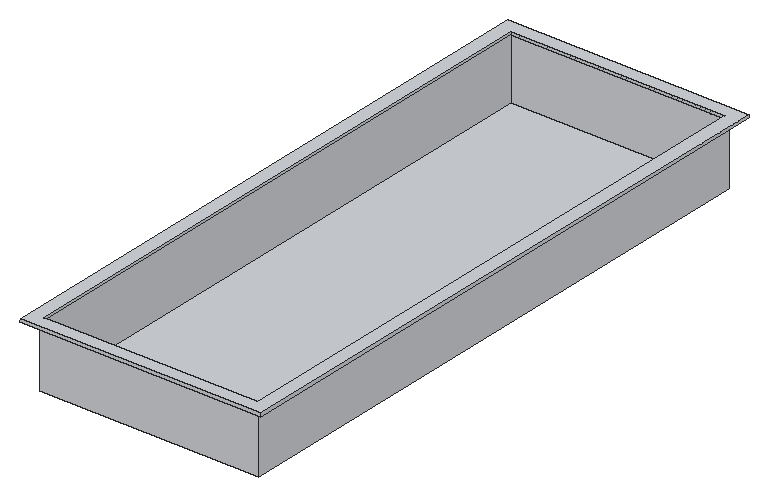
Revit family "Hager-Volta-IP30-Hollow_wall-empty-CH-en", category Electrical Equipment, host Face, Revit 2020
Family settings
  Host = Face
  Panel Configuration = Two Columns, Circuits Across
  Round Connector Dimension = Use Diameter
  Part Type = Panelboard
  Cut with Voids When Loaded = No
  Shared = No
  Room Calculation Point = No
Parameters (values of type "Recessed mounted  W330 H880 D94.5 12 Modular spacings - VH60NK")
  Width Control [instance] = if([HG000006 - Flush mounted], if([EF000846 - Built-in width] > min_whd, [EF000846 - Built-in width], min_whd), if([EF000008 - Width] > min_whd, ([EF000008 - Width]), min_whd))  # 314 mm
  Void Depth [instance] = if([HG000006 - Flush mounted], Depth Control, 1 mm)  # 90 mm
  Type Comments = [HG000003 - Range]  # "Volta"
  System Height [instance] = Height Control - 2 * [HG000005 - Thickness]  # 840 mm
  Model = [HG000004 - Manufacturer reference]  # "VH60NK"
  HG000017 - Distance between poles = 18 mm
  HG000016 - Door 3d visibility [instance] = yes
  HG000015 - Clearance visibility [instance] = no
  HG000014 - Door on the right [instance] = yes
  HG000013 - Door on the left [instance] = not([HG000014 - Door on the right])  # no
  HG000012 - Door swing angle [instance] = 45.00°
  HG000011 - Empty rows from bottom = no
  HG000010 - Asymmetric doors = no
  HG000009 - Double swing door = no
  HG000008 - Number of empty rows = 0
  HG000007 - Number of empty columns = 0
  HG000006 - Flush mounted = yes
  HG000005 - Thickness = 3 mm  # constant formula
  HG000004 - Manufacturer reference = "VH60NK"
  HG000003 - Range = "Volta"
  HG000002 - With door or cover = no
  HG000001 - Number of columns = 0
  EF015941 - Signal passing door = no
  EF015777 - Neutral terminal block = no
  EF015776 - Earthing terminal block = no
  EF009212 - Cover model = "EV000116 - Closed"
  EF006306 - With lock = no
  EF006244 - Transparent cover/door = no
  EF005474 - Degree of protection (IP) = ""
  EF004462 - Type of closure = ""
  EF002950 - Width in number of modular spacings = 12
  EF001596 - Material housing = "EV000139 - Plastic"
  EF001134 - DIN-rail = no
  EF001131 - Internal depth = 92 mm
  EF001088 - Extension possible = yes
  EF001062 - EMC-version = yes
  EF000846 - Built-in width = 314 mm
  EF000339 - Type of cover = ""
  EF000332 - Built-in height = 846 mm
  EF000266 - Number of rows = 5
  EF000218 - Built-in depth = 90 mm
  EF000118 - With mounting plate = no
  EF000116 - RAL-number = "9010"
  EF000049 - Depth = 94 mm
  EF000040 - Height = 880 mm
  EF000008 - Width = 330 mm
  EF000007 - Colour = "EV000202 - White"
  EF000003 - Mounting method = "EV000128 - Hollow wall"
  Arrow Offset [instance] = Depth Control / 8  # 11.25 mm
  Arrow Height [instance] = Depth Control - Arrow Offset  # 78.75 mm
  Host Offset [instance] = if([HG000006 - Flush mounted], 0 mm, [EF000049 - Depth])  # 0 mm
  min_whd [instance] = (2 * [HG000005 - Thickness]) + 1 mm  # 7 mm
  Manufacturer = "Hager"  # constant formula
  Height Control [instance] = if([HG000006 - Flush mounted], if([EF000332 - Built-in height] > min_whd, [EF000332 - Built-in height], min_whd), if([EF000040 - Height] > min_whd, ([EF000040 - Height]), min_whd))  # 846 mm
  Flush Mounted - Door Frame Width [instance] = if(([EF000040 - Height] - [EF000332 - Built-in height]) > 0 mm, if([HG000006 - Flush mounted], [EF000040 - Height] - [EF000332 - Built-in height], 0 mm), 0 mm)  # 34 mm
  Depth Control [instance] = if([HG000006 - Flush mounted], if([EF000218 - Built-in depth] > 0 mm, [EF000218 - Built-in depth], 1 mm), if([EF000049 - Depth] > 0 mm, ([EF000049 - Depth]), 1 mm))  # 90 mm
  Default Elevation = 0 mm
Types (5, lengths in mm): name | System Height | Model | HG000004 - Manufacturer reference | EF000332 - Built-in height | EF000266 - Number of rows | EF000040 - Height | Height Control | Flush Mounted - Door Frame Width
  Recessed mounted  W330 H355 D94.5 12 Modular spacings - VH12NK | 340 | "VH12NK" | "VH12NK" | 346 | 1 | 355 | 346 | 9
  Recessed mounted  W330 H484 D94.5 12 Modular spacings - VH24NK | 465 | "VH24NK" | "VH24NK" | 471 | 2 | 484 | 471 | 13
  Recessed mounted  W330 H609 D94.5 12 Modular spacings - VH36NK | 590 | "VH36NK" | "VH36NK" | 596 | 3 | 609 | 596 | 13
  Recessed mounted  W330 H734 D94.5 12 Modular spacings - VH48NK | 715 | "VH48NK" | "VH48NK" | 721 | 4 | 734 | 721 | 13
  Recessed mounted  W330 H880 D94.5 12 Modular spacings - VH60NK | 840 | "VH60NK" | "VH60NK" | 846 | 5 | 880 | 846 | 34
Reference planes
  plane 1 "Center (Front/Back)": y = 0
  plane 2: z = 0
  plane 3 "Center (Left/Right)": x = 0
  plane 4: z = 0
  plane 5: y = 37
  plane 6: z = -5
  plane 7: y = 457
  plane 8: y = 34
  plane 9: y = 880
  plane 10: z = -90
  plane 11: x = -157
  plane 12: x = 157
  plane 13: x = 154
  plane 14: x = -154
  plane 15: y = 877
  plane 16: z = -87
  plane 17: z = -3
  plane 18: z = -90
  plane 19: z = -3
Forms (mm)
  Extrusion 1, solid
    sketch origin (-583.045, 34, 1219.2) x (-1, 0, 0) y (0, 0, 1)
      loop
        line (-426.045, -1219.2) -> (-740.045, -1219.2) -> (-740.045, -1309.2) -> (-426.045, -1309.2) -> (-426.045, -1219.2)
    from 0 to 846 <- "Height Control"
  Extrusion 2, void
    sketch origin (-381.607, -4572, 0) x (0, -1, 0) y (-1, 0, 0)
      loop
        line (-5449, -227.607) -> (-5449, -535.607) -> (-4609, -535.607) -> (-4609, -227.607) -> (-5449, -227.607)
    from 0 to 87
  Extrusion 3, void
    sketch origin (0, 0, 0) x (1, 0, 0) y (0, 1, 0)
      loop
        line (-157, 34) -> (157, 34) -> (157, 880) -> (-157, 880) -> (-157, 34)
    from -90 to 1
  Extrusion 4, solid, detail levels coarse+medium
    sketch origin (-381.607, -4572, 0) x (-1, 0, 0) y (0, -1, 0)
      loop
        line (-227.607, -5449) -> (-227.607, -4609) -> (-535.607, -4609) -> (-535.607, -5449) -> (-227.607, -5449)
    from 0 to -3
Cuts and joins
  Extrusion 2 cuts Extrusion 1
Dimensions and locks
  plane 4 to plane 6 = 5 mm
  "Host Offset": plane 4 to host face
  "Flush Mounted - Door Frame Width": plane 1 "Center (Front/Back)" to plane 8
  "HG000005 - Thickness": plane 5 to plane 8
  locked: connector elem to plane 3 "Center (Left/Right)"
  "Height Control": plane 9 to plane 8
  equal spacing: plane 9, plane 7, plane 8
  locked: connector elem to plane 7
  "Depth Control": plane 4 to plane 10
  "HG000005 - Thickness": plane 11 to plane 14
  "HG000005 - Thickness": plane 12 to plane 13
  equal spacing: plane 11, plane 3 "Center (Left/Right)", plane 12
  "Width Control": plane 11 to plane 12
  "Arrow Offset": nested 4 to plane 10
  "HG000005 - Thickness": plane 9 to plane 15
  "HG000005 - Thickness": plane 16 to plane 10
  "HG000005 - Thickness": plane 4 to plane 17
  "Void Depth": plane 2 to plane 18
  "HG000005 - Thickness": plane 4 to plane 19
  aligned and locked: plane 2 to host face
  aligned and locked: level to host face
  aligned and locked: plane 3 "Center (Left/Right)" to nested 2
  aligned and locked: plane 4 to nested 2
  aligned and locked: nested 2 to plane 8
  aligned and locked: nested 1 to plane 6
  aligned and locked: plane 5 to nested 1
  aligned and locked: nested 4 to plane 11
  aligned and locked: nested 3 to plane 4
  aligned and locked: Extrusion 1 sketch curve to plane 12
  aligned and locked: Extrusion 1 sketch curve to plane 11
  aligned and locked: nested 3 to plane 10
  aligned and locked: plane 10 to Extrusion 1 sketch curve
  aligned and locked: plane 5 to Extrusion 2 sketch curve
  aligned and locked: Extrusion 2 sketch curve to plane 15
  aligned and locked: Extrusion 2 sketch curve to plane 14
  aligned and locked: Extrusion 2 sketch curve to plane 13
  aligned and locked: plane 11 to Extrusion 3 sketch curve
  aligned and locked: plane 9 to Extrusion 3 sketch curve
  aligned and locked: Extrusion 3 sketch curve to plane 8
  aligned and locked: plane 12 to Extrusion 3 sketch curve
  aligned and locked: nested 3 to plane 12
  aligned and locked: Extrusion 3 to plane 18
  aligned and locked: Extrusion 2 to plane 16
  aligned and locked: Extrusion 1 sketch curve to plane 4
  aligned and locked: Extrusion 4 to plane 17
  aligned and locked: Extrusion 4 sketch curve to plane 15
  aligned and locked: Extrusion 4 sketch curve to plane 13
  aligned and locked: Extrusion 4 sketch curve to plane 14
  aligned and locked: plane 5 to Extrusion 4 sketch curve
Automatic sketch dimensions
  host sketch curve to host sketch curve = 1469.727 mm
  host sketch curve to host sketch curve = 1434.803 mm
Nested families
  nested 1: "Hager_Enclosure_System" at (0, 37, -5) x (1, 0, 0) z (0, 1, 0), Depth <- "HG000005 - Thickness", Height <- "System Height", Width <- "EF000008 - Width", Border <- "HG000005 - Thickness", Flush_Mounted <- "HG000006 - Flush mounted", Built-in_Width <- "EF000846 - Built-in width", Row_Module_Multiplicator <- "EF002950 - Width in number of modular spacings", Total_No_Empty_Rows <- "HG000008 - Number of empty rows", Total_No_Rows <- "EF000266 - Number of rows", Empty_Columns <- "HG000007 - Number of empty columns", Width_Control <- "Width Control", Empty_Rows_From_Bottom <- "HG000011 - Empty rows from bottom", Distance_Between_Poles <- "HG000017 - Distance between poles", Rows_Count <- "EF000266 - Number of rows", Columns_Count <- "HG000001 - Number of columns", type "Hager_Enclosure_System", detail levels fine
    with Width_Control 314 mm, Width 330 mm, Total_No_Rows 5, Total_No_Empty_Rows 0, Total_No_Columns 1, System_Width 308 mm, Rows_Count 5, Rows_Column 5, Row_Module_Multiplicator 12, Panel_4 no, Panel_3 no, Panel_2 no, Panel_1 no, No_Panels_Ctrl 1, Hide_Columns yes, Height 840 mm, Flush_Mounted yes, Empty_Rows_From_Bottom no, Empty_Rows_Column 0, Empty_Columns 0, Distance_Between_Poles 18 mm, Depth 3 mm, Columns_Count 0, Column_Width 308 mm, Built-in_Width 314 mm, Border 3 mm
  nested 2: "Hager_Enclosure_Door" at (0, 34, 0) x (1, 0, 0) z (0, 1, 0), Border <- "HG000005 - Thickness", Door_Right <- "HG000014 - Door on the right", Flush_Mounted <- "HG000006 - Flush mounted", Depth <- "EF000049 - Depth", Width <- "EF000008 - Width", Door_Left <- "HG000013 - Door on the left", 3d_Door <- "HG000016 - Door 3d visibility", BuiltIn_Width <- "EF000846 - Built-in width", BuiltIn_Height <- "EF000332 - Built-in height", BuiltIn_Depth <- "EF000218 - Built-in depth", Angle <- "HG000012 - Door swing angle", Assymetrical <- "HG000010 - Asymmetric doors", Double <- "HG000009 - Double swing door", Clearance <- "HG000015 - Clearance visibility", Transparent <- "EF006244 - Transparent cover/door", Door <- "HG000002 - With door or cover", Height_Ctrl <- "Height Control", Width_Ctrl <- "Width Control", Height <- "EF000040 - Height", type "Hager_Enclosure_Door", detail levels medium+fine
    with min_wh 7 mm, Width_Ctrl 314 mm, Width 330 mm, Transparent_Door_No_Bottom_Border no, Transparent no, Leaf_Width 305 mm, Leaf_Tolerance 1.5 mm, Leaf_Height 837 mm, Leaf_2_Width 305 mm, Leaf_2_Offset 152.5 mm, Leaf_1_Width 305 mm, Leaf_1_Offset 152.5 mm, Height_Ctrl 846 mm, Height 880 mm, Frame_Width_Ctrl 16 mm, Frame_Width 16 mm, Frame_Internal_Offset 3 mm, Frame_Height_Ctrl 34 mm, Frame_Height 34 mm, Frame_Depth_Ctrl 4 mm, Frame_Depth 4 mm, Flush_Mounted yes, Double_Clearance_Ctrl no, Double no, Door_Right_Ctrl no, Door_Right yes, Door_Left_Ctrl no, Door_Left no, Door no, Depth 94 mm, Clearance_Depth 305 mm, Clearance_Ctrl no, Clearance no, BuiltIn_Width 314 mm, BuiltIn_Height 846 mm, BuiltIn_Depth 90 mm, Border 3 mm, Assymetrical no, Angle 45.00°, 3d_Door yes
  nested 3: "Hager_Enclosure_Symbol_Triangle" at (-157, 0, -90) x (1, 0, 0) z (0, -1, 0), Depth <- "Depth Control", Width <- "Width Control", type "Hager_Enclosure_Symbol_Triangle"
    with Width_Ctrl 314 mm, Width 314 mm, Depth_Ctrl 90 mm, Depth 90 mm
  nested 4: "Hager_Enclosure_Symbol_Arrow" at (-157, 0, -78.75) x (1, 0, 0) z (0, -1, 0), Height <- "Arrow Height", type "Hager_Enclosure_Symbol_Arrow"
    with Width_Inside 5.906 mm, Width 70.875 mm, Height_Ctrl 78.75 mm, Height 78.75 mm
Connectors
  electrical at (0, 457, -90)
    settings: on plane 10, index 1, voltage 0 V, apparent load 0 VA, apparent load phase1 0 VA, apparent load phase2 0 VA, apparent load phase3 0 VA, power factor 1, load classification "Other", number of poles 1, system type 30, power factor state 1, is connector primary yes, connector utility no, sub classification motor no, connector description ""
Definition of nested family "Hager_Enclosure_Door"
  Parameters (values of type "Hager_Enclosure_Door")
    min_wh [instance] = (2 * Border) + 1 mm  # 11 mm
    Width_Ctrl [instance] = 400 mm
    Width [instance] = 500 mm
    Transparent_Door_No_Bottom_Border [instance] = no
    Transparent [instance] = yes
    Leaf_Width [instance] = if((Width_Ctrl - 2 * Border - 2 * Leaf_Tolerance) > 0 mm, (Width_Ctrl - 2 * Border - 2 * Leaf_Tolerance), min_wh)  # 387 mm
    Leaf_Tolerance [instance] = 1.5 mm  # constant formula
    Leaf_Height [instance] = if((Height_Ctrl - 2 * Border - 2 * Leaf_Tolerance) > 0 mm, (Height_Ctrl - 2 * Border - 2 * Leaf_Tolerance), min_wh)  # 387 mm
    Leaf_2_Width [instance] = if(and(and(Double, Assymetrical), Door_Left), (Leaf_Width / 3) - (Leaf_Tolerance / 2), if(and(and(Double, Assymetrical), Door_Right), (Leaf_Width / 3) * 2 - (Leaf_Tolerance / 2), if(and(Double, not(Assymetrical)), (Leaf_Width / 2) - Leaf_Tolerance, Leaf_Width)))  # 387 mm
    Leaf_2_Offset [instance] = if(and(Double, Assymetrical), Leaf_2_Width / 2, if(and(Double, not(Assymetrical)), Leaf_Width / 4, Leaf_Width / 2))  # 193.5 mm
    Leaf_1_Width [instance] = if(and(and(Double, Assymetrical), Door_Right), (Leaf_Width / 3) - (Leaf_Tolerance / 2), if(and(and(Double, Assymetrical), Door_Left), (Width / 3) * 2 - (Leaf_Tolerance / 2), if(and(Double, not(Assymetrical)), (Leaf_Width / 2) - Leaf_Tolerance, Leaf_Width)))  # 387 mm
    Leaf_1_Offset [instance] = if(and(Double, Assymetrical), Leaf_1_Width / 2, if(and(Double, not(Assymetrical)), Leaf_Width / 4, Leaf_Width / 2))  # 193.5 mm
    Height_Ctrl [instance] = 400 mm
    Height [instance] = 500 mm
    Frame_Width_Ctrl [instance] = if(Frame_Width > 0 mm, Frame_Width, 1 mm)  # 1 mm
    Frame_Width [instance] = Width - BuiltIn_Width  # 0 mm
    Frame_Internal_Offset [instance] = if(Flush_Mounted, Border, 0 mm)  # 5 mm
    Frame_Height_Ctrl [instance] = if(Frame_Height > 0 mm, Frame_Height, 1 mm)  # 1 mm
    Frame_Height [instance] = Height - BuiltIn_Height  # 0 mm
    Frame_Depth_Ctrl [instance] = if(Frame_Depth > 0 mm, Frame_Depth, 1 mm)  # 1 mm
    Frame_Depth [instance] = if(Depth - BuiltIn_Depth > 0 mm, if(Flush_Mounted, Depth - BuiltIn_Depth, 0 mm), 0 mm)  # 0 mm
    Flush_Mounted [instance] = yes
    Double_Clearance_Ctrl [instance] = and(Double, Clearance)  # no
    Double [instance] = no
    Door_Right_Ctrl [instance] = and(or(Door_Right, Double), Door)  # yes
    Door_Right [instance] = yes
    Door_Left_Ctrl [instance] = and(or(Door_Left, Double), Door)  # no
    Door_Left [instance] = no
    Door [instance] = yes
    Depth [instance] = 500 mm
    Default Elevation = 1219.2 mm
    Clearance_Material = none
    Clearance_Depth [instance] = if(Leaf_1_Width > Leaf_2_Width, Leaf_1_Width, Leaf_2_Width)  # 387 mm
    Clearance_Ctrl [instance] = and(not(Double), Clearance)  # yes
    Clearance [instance] = yes
    BuiltIn_Width [instance] = 500 mm
    BuiltIn_Height [instance] = 500 mm
    BuiltIn_Depth [instance] = 500 mm
    Border [instance] = 5 mm
    Assymetrical [instance] = yes
    Angle [instance] = 30.00°
    3d_Door [instance] = yes
  Reference planes
    plane 1 "Center (Front/Back)": y = 0
    plane 2 "Bottom": z = 0
    plane 3 "Center (Left/Right)": x = 0
    plane 4: z = 400
    plane 5: x = -200
    plane 6: x = 200
    plane 7: z = 395
    plane 8: x = -195
    plane 9: z = 5
    plane 10: x = 195
    plane 11: y = 0
    plane 12: z = 6.5
    plane 13: x = -582
    plane 14: y = -387
    plane 15: x = 582
    plane 16: x = 0
    plane 17: x = 0
    plane 18: x = -193.5
    plane 19: x = 193.5
    plane 20: z = 393.5
  Forms (mm)
    Extrusion 1, solid, visible <- "Flush_Mounted"
      sketch origin (0, 0, 0) x (1, 0, 0) y (0, 0, 1)
        loop
          line (195, 5) -> (195, 395) -> (-195, 395) -> (-195, 5) -> (195, 5)
        loop
          line (-201, 401) -> (-201, -1) -> (201, -1) -> (201, 401) -> (-201, 401)
      from 0 to 1 <- "Frame_Depth_Ctrl"
    Extrusion 2, solid, material <- "Clearance_Material", visible <- "Double_Clearance_Ctrl"
      sketch origin (1200, 0, 0) x (1, 0, 0) y (0, 0, -1)
        loop
          line (-1782, -393.5) -> (-618, -393.5) -> (-618, 0) -> (-1782, 0) -> (-1782, -393.5)
      from 0 to -387
  Dimensions and locks
    equal spacing: plane 5, plane 3 "Center (Left/Right)", plane 6
    "Width_Ctrl": plane 5 to plane 6
    "Border": plane 5 to plane 8
    "Border": plane 6 to plane 10
    "Border": plane 9 to level
    "Border": plane 4 to plane 7
    "Height_Ctrl": plane 4 to level
    "Leaf_Tolerance": plane 12 to plane 9
    "Frame_Depth": plane 11 to plane 1 "Center (Front/Back)"
    "Frame_Width_Ctrl": plane 5 to Extrusion 1 sketch curve
    "Frame_Width_Ctrl": plane 6 to Extrusion 1 sketch curve
    "Frame_Width_Ctrl": Extrusion 1 sketch curve to plane 4
    "Frame_Width_Ctrl": plane 2 "Bottom" to Extrusion 1 sketch curve
    "Leaf_1_Offset": plane 18 to plane 16
    "Leaf_2_Offset": plane 17 to plane 19
    "Leaf_1_Width": plane 13 to plane 8
    "Leaf_2_Width": plane 10 to plane 15
    "Clearance_Depth": plane 14 to plane 1 "Center (Front/Back)"
    "Leaf_Tolerance": plane 8 to plane 18
    "Leaf_Tolerance": plane 19 to plane 10
    "Leaf_Tolerance": plane 7 to plane 20
    "Frame_Internal_Offset": plane 5 to Extrusion 1 sketch curve
    "Frame_Internal_Offset": Extrusion 1 sketch curve to plane 2 "Bottom"
    "Frame_Internal_Offset": plane 6 to Extrusion 1 sketch curve
    "Frame_Internal_Offset": plane 4 to Extrusion 1 sketch curve
    aligned and locked: level to plane 2 "Bottom"
    aligned and locked: nested 1 to plane 16
    aligned and locked: nested 2 to plane 17
    aligned and locked: Extrusion 2 to plane 13
    aligned and locked: plane 15 to Extrusion 2
    aligned and locked: Extrusion 2 to plane 14
    aligned and locked: plane 12 to nested 1
    aligned and locked: nested 2 to plane 12
    aligned and locked: Extrusion 2 to plane 11
    aligned and locked: plane 20 to Extrusion 2
    aligned and locked: nested 2 to plane 11
    aligned and locked: nested 1 to plane 11
  Automatic sketch dimensions
    Extrusion 2 sketch curve to level = 0 mm
    plane 5 to Extrusion 2 sketch curve = 382 mm
    plane 6 to Extrusion 2 sketch curve = 382 mm
    Extrusion 2 sketch curve to plane 4 = 6.5 mm
  Nested families
    nested 1: "Hager_Enclosure_Door_Leaf" at (0, 0, 6.5), Width <- "Leaf_1_Width", visible <- "Door_Left_Ctrl", Leaf_Height <- "Leaf_Height", Angle <- "Angle", Depth <- "Border", 3d_Door <- "3d_Door", Transparent <- "Transparent", Clearance Material <- "Clearance_Material", Clearance <- "Clearance_Ctrl", Transparent_Door_No_Bottom_Border <- "Transparent_Door_No_Bottom_Border", type "Hager_Enclosure_Door_Leaf"
      with Width 387 mm, Transparent_Door_No_Bottom_Border no, Transparent_Door_Border_Bottom_Top 25 mm, Transparent_Door_Border 25 mm, Transparent_Ctrl yes, Transparent yes, Standard no, Leaf_Height 387 mm, Glass_Offset 1 mm, Depth 5 mm, Clearance Material none, Clearance yes, Angle_Ctrl 30.00°, Angle 30.00°, 3d_Door yes
    nested 2: "Hager_Enclosure_Door_Leaf" at (0, 0, 6.5) x (-1, 0, 0) z (0, 0, 1), Width <- "Leaf_2_Width", visible <- "Door_Right_Ctrl", Leaf_Height <- "Leaf_Height", Angle <- "Angle", Depth <- "Border", 3d_Door <- "3d_Door", Transparent <- "Transparent", Clearance Material <- "Clearance_Material", Clearance <- "Clearance_Ctrl", Transparent_Door_No_Bottom_Border <- "Transparent_Door_No_Bottom_Border", type "Hager_Enclosure_Door_Leaf"
      with Width 387 mm, Transparent_Door_No_Bottom_Border no, Transparent_Door_Border_Bottom_Top 25 mm, Transparent_Door_Border 25 mm, Transparent_Ctrl yes, Transparent yes, Standard no, Leaf_Height 387 mm, Glass_Offset 1 mm, Depth 5 mm, Clearance Material none, Clearance yes, Angle_Ctrl 30.00°, Angle 30.00°, 3d_Door yes
  Definition of nested family "Hager_Enclosure_Door_Leaf"
    Parameters (values of type "Hager_Enclosure_Door_Leaf")
      Width [instance] = 2000 mm
      Transparent_Door_No_Bottom_Border [instance] = yes
      Transparent_Door_Border_Bottom_Top [instance] = if(Transparent_Door_No_Bottom_Border, 0.1 mm, Transparent_Door_Border)  # 0.1 mm
      Transparent_Door_Border [instance] = if(Transparent_Door_No_Bottom_Border, (Width * 0.12), 25 mm)  # 240 mm
      Transparent_Ctrl [instance] = and(Transparent, [3d_Door])  # yes
      Transparent [instance] = yes
      Standard [instance] = and(not(Transparent), [3d_Door])  # no
      Leaf_Height [instance] = 2720.336 mm
      Glass_Offset [instance] = if((Depth - 10 mm) / 2 > 0 mm, (Depth - 10 mm) / 2, 1 mm)  # 15 mm
      Glass_Material = none
      Depth [instance] = 40 mm
      Default Elevation = 0 mm
      Clearance Material [instance] = none
      Clearance [instance] = yes
      Angle_Ctrl [instance] = if(Angle > 170.00°, 170.00°, Angle)  # 45.00°
      Angle [instance] = 45.00°
      3d_Door [instance] = yes
    Reference planes
      plane 1 "Center (Front/Back)": y = 0
      plane 2: z = 0
      plane 3 "Center (Left/Right)": x = 0
      plane 4: y = 2000
      plane 5: x = -1000
      plane 6: x = 1000
      plane 7: x = -3000
      plane 8: z = 2720.336
      plane 9: z = 0.1
      plane 10: z = 2720.236
      plane 11: x = 760
      plane 12: x = -760
    Forms (mm)
      Extrusion 1, solid, material <- "Clearance Material", visible <- "Clearance"
        sketch origin (0, 0, 0) x (1, 0, 0) y (0, 0, 1)
          loop
            line (-3000, 2720.336) -> (-3000, 0) -> (1000, 0) -> (1000, 2720.336) -> (-3000, 2720.336)
        from 0 to -2000
      Extrusion 2, solid, visible <- "Standard", detail levels medium+fine
        sketch origin (-1000, 0, 0) x (0.707107, 0.707107, 0) y (-0.707107, 0.707107, 0)
          loop
            line (0, -40) -> (2000, -40) -> (2000, 0) -> (0, 0) -> (0, -40)
        from 0 to 2720.336 <- "Leaf_Height"
      Extrusion 3, solid, visible <- "Transparent_Ctrl", detail levels medium+fine
        sketch origin (-1000, 0, 0) x (0.707107, 0.707107, 0) y (-0.707107, 0.707107, 0)
          loop
            line (0, -40) -> (2000, -40) -> (2000, 0) -> (0, 0) -> (0, -40)
        from 0 to 2720.336 <- "Leaf_Height"
      Extrusion 4, void, detail levels medium+fine
        sketch origin (-1000, 0, 0) x (-0.707107, 0.707107, 0) y (0.707107, 0.707107, 0)
          loop
            line (0, 240) -> (0, 1760) -> (-40, 1760) -> (-40, 240) -> (0, 240)
        from -2720.236 to -0.1
      Extrusion 5, solid, material <- "Glass_Material", visible <- "Transparent_Ctrl", detail levels medium+fine
        sketch origin (-1000, 0, 0) x (0.707107, 0.707107, 0) y (-0.707107, 0.707107, 0)
          loop
            line (240, -15) -> (240, -25) -> (1760, -25) -> (1760, -15) -> (240, -15)
        from 0.1 to 2720.236
    Cuts and joins
      Extrusion 4 cuts Extrusion 3
    Lines and regions (mm)
      symbolic lines
        curve 1: line (1000, 0, 0) -> (-3000, 0, 0)
        curve 2: arc (1000, 0, 0) -> (-1000, 2000, 0) -> (-3000, 0, 0) r 2000
        curve 4: line (-1000, 0, 0) -> (414.214, 1414.214, 0)
      reference lines
        curve 3: line (-1000, 0, 0) -> (414.214, 1414.214, 0)
      symbolic lines, detail levels medium+fine
        curve 5: line (414.214, 1414.214, 0) -> (442.498, 1385.929, 0)
        curve 6: line (442.498, 1385.929, 0) -> (-971.716, -28.284, 0)
        curve 7: line (-971.716, -28.284, 0) -> (-1000, 0, 0)
        curve 8: line (-1000, 0, 2720.336) -> (1000, 0, 2720.336)
        curve 9: line (-1000, 0, 0) -> (-1000, 0, 2720.336)
        curve 10: line (1000, 0, 0) -> (-1000, 0, 0)
        curve 11: line (1000, 0, 2720.336) -> (1000, 0, 0)
      symbolic lines, visible <- "Transparent_Ctrl", detail levels medium+fine
        curve 12: line (-760, 0, 2720.236) -> (760, 0, 2720.236)
        curve 13: line (-760, 0, 0.1) -> (-760, 0, 2720.236)
        curve 14: line (760, 0, 0.1) -> (-760, 0, 0.1)
        curve 15: line (760, 0, 2720.236) -> (760, 0, 0.1)
    Dimensions and locks
      "Width": plane 1 "Center (Front/Back)" to plane 4
      equal spacing: plane 5, plane 3 "Center (Left/Right)", plane 6
      "Width": plane 5 to plane 6
      "Width": plane 7 to plane 5
      "Leaf_Height": plane 8 to level
      "Depth": curve 6 to curve 3
      "Width": curve 5 to curve 3
      "Width": curve 3 to curve 3
      "Transparent_Door_Border": Extrusion 4 sketch curve to curve 7
      "Transparent_Door_Border": Extrusion 4 sketch curve to curve 5
      "Transparent_Door_Border_Bottom_Top": plane 8 to plane 10
      "Transparent_Door_Border_Bottom_Top": plane 9 to level
      "Glass_Offset": Extrusion 5 sketch curve to curve 4
      "Glass_Offset": Extrusion 5 sketch curve to curve 6
      "Transparent_Door_Border": Extrusion 5 sketch curve to curve 5
      "Transparent_Door_Border": Extrusion 5 sketch curve to curve 7
      "Transparent_Door_Border": plane 12 to plane 5
      "Transparent_Door_Border": plane 6 to plane 11
      "Angle_Ctrl": angle plane 1 "Center (Front/Back)" to curve 3
      aligned and locked: level to plane 2
      aligned and locked: Extrusion 1 to curve 1
      aligned and locked: plane 6 to Extrusion 1
      aligned and locked: Extrusion 1 to plane 1 "Center (Front/Back)"
      aligned and locked: plane 4 to Extrusion 1
      aligned and locked: plane 8 to Extrusion 1
      aligned and locked: curve 4 to curve 3
      aligned and locked: Extrusion 2 sketch curve to curve 7
      aligned and locked: Extrusion 2 sketch curve to curve 6
      aligned and locked: Extrusion 2 sketch curve to curve 5
      aligned and locked: Extrusion 2 sketch curve to curve 3
      aligned and locked: curve 7 to Extrusion 3 sketch curve
      aligned and locked: Extrusion 3 sketch curve to curve 4
      aligned and locked: Extrusion 3 sketch curve to curve 6
      aligned and locked: Extrusion 3 sketch curve to curve 5
      aligned and locked: curve 4 to Extrusion 4 sketch curve
      aligned and locked: curve 6 to Extrusion 4 sketch curve
      aligned and locked: Extrusion 4 to plane 9
      aligned and locked: Extrusion 4 to plane 10
      aligned and locked: Extrusion 5 to plane 9
      aligned and locked: Extrusion 5 to plane 10
      aligned and locked: curve 8 to plane 8
      aligned and locked: plane 5 to curve 9
      aligned and locked: plane 2 to curve 10
      aligned and locked: curve 11 to plane 6
      aligned and locked: plane 10 to curve 12
      aligned and locked: plane 12 to curve 13
      aligned and locked: curve 14 to plane 9
      aligned and locked: plane 11 to curve 15
    Automatic sketch dimensions
      plane 1 "Center (Front/Back)" to curve 2 = 0 mm
      curve 2 to plane 5 = 0 mm
      Extrusion 1 sketch curve to level = 0 mm
      Extrusion 1 sketch curve to plane 7 = 0 mm
      Extrusion 1 sketch curve to plane 6 = 0 mm
      Extrusion 1 sketch curve to plane 8 = 0 mm
      plane 1 "Center (Front/Back)" to curve 3 = 0 mm
      curve 3 to plane 5 = 0 mm
      curve 7 to curve 3 = 0 mm
Definition of nested family "Hager_Enclosure_Symbol_Triangle"
  Parameters (values of type "Hager_Enclosure_Symbol_Triangle")
    Width_Ctrl [instance] = if(Width > 1 mm, Width, 1 mm)  # 498 mm
    Width [instance] = 498 mm
    Depth_Ctrl [instance] = if(Depth > 1 mm, Depth, 1 mm)  # 72 mm
    Depth [instance] = 72 mm
  Reference planes
    plane 1 "Centre (avant/arrière)": y = 0
    plane 2: z = 0
    plane 3 "Centre (gauche/droite)": x = 0
  Lines and regions (mm)
    Filled region 1, type "Solid_Black", in view "Niveau de réf."
      outline origin (0, 0, 0) x (1, 0, 0) y (0, 1, 0)
        loop
          line (0, 0) -> (498, 0) -> (498, 72) -> (0, 0)
    reference lines, in view "Niveau de réf."
      curve 1: line (-206.153, 72, 0) -> (1083.258, 72, 0)
      curve 2: line (498, 405.456, 0) -> (498, -517.619, 0)
  Dimensions and locks
    "Depth_Ctrl": plane 1 "Centre (avant/arrière)" to curve 1
    "Width_Ctrl": plane 3 "Centre (gauche/droite)" to curve 2
    aligned and locked: curve 1 to Filled region 1 sketch curve
    aligned and locked: Filled region 1 sketch curve to plane 1 "Centre (avant/arrière)"
    aligned and locked: curve 2 to Filled region 1 sketch curve
    aligned and locked: plane 3 "Centre (gauche/droite)" to Filled region 1 sketch curve
    aligned and locked: plane 1 "Centre (avant/arrière)" to Filled region 1 sketch curve
  Automatic sketch dimensions
    curve 1 to plane 3 "Centre (gauche/droite)" = 206.153 mm
    curve 2 to curve 1 = 585.258 mm
    plane 1 "Centre (avant/arrière)" to curve 2 = 517.619 mm
    curve 2 to plane 1 "Centre (avant/arrière)" = 405.456 mm
Definition of nested family "Hager_Enclosure_Symbol_Arrow"
  Parameters (values of type "Hager_Enclosure_Symbol_Arrow")
    Width_Inside [instance] = if(Width / 12 > 2 mm, Width / 12, 2 mm)  # 4.987 mm
    Width [instance] = if(Height_Ctrl * 0.9 > 2 mm, Height_Ctrl * 0.9, 2 mm)  # 59.85 mm
    Height_Ctrl [instance] = if(Height > 2 mm, Height, 2 mm)  # 66.5 mm
    Height [instance] = 66.5 mm
  Reference planes
    plane 1 "Centre (avant/arrière)": y = 0
    plane 2: z = 0
    plane 3 "Centre (gauche/droite)": x = 0
    plane 4: x = 59.85
    plane 5: y = 28.263
    plane 6: y = 38.238
    plane 7: y = 66.5
    plane 8: x = 29.925
    plane 9: y = 33.25
  Lines and regions (mm)
    Filled region 1, type "Solid_Black", in view "Niveau de réf."
      outline origin (0, 0, 0) x (1, 0, 0) y (0, 1, 0)
        loop
          line (59.85, 66.5) -> (37.929, 52.827) -> (51.846, 41.935) -> (59.85, 66.5)
    detail lines, in view "Niveau de réf."
      curve 1: line (0, 0, 0) -> (29.925, 38.238, 0)
      curve 2: line (29.925, 38.238, 0) -> (29.925, 28.263, 0)
      curve 3: line (29.925, 28.263, 0) -> (59.85, 66.5, 0)
  Dimensions and locks
    "Width": plane 3 "Centre (gauche/droite)" to plane 4
    "Height_Ctrl": plane 7 to plane 1 "Centre (avant/arrière)"
    equal spacing: plane 3 "Centre (gauche/droite)", plane 8, plane 4
    equal spacing: plane 7, plane 9, plane 1 "Centre (avant/arrière)"
    equal spacing: plane 6, plane 9, plane 5
    "Width_Inside": plane 6 to plane 9
    equal spacing: curve 3, Filled region 1 sketch curve, Filled region 1 sketch curve
    angle Filled region 1 sketch curve to curve 3 = 20.00°
    angle curve 3 to Filled region 1 sketch curve = 20.00°
    locked: curve 3 to Filled region 1 sketch curve (angle 90.00°)
  Automatic sketch dimensions
    plane 1 "Centre (avant/arrière)" to curve 1 = 0 mm
    curve 1 to plane 3 "Centre (gauche/droite)" = 0 mm
    curve 2 to plane 6 = 0 mm
    curve 3 to plane 8 = 0 mm
    curve 3 to plane 4 = 0 mm
    curve 2 to plane 5 = 0 mm
    curve 3 to plane 7 = 0 mm
    Filled region 1 sketch curve to plane 4 = 0 mm
    Filled region 1 sketch curve to plane 7 = 0 mm
